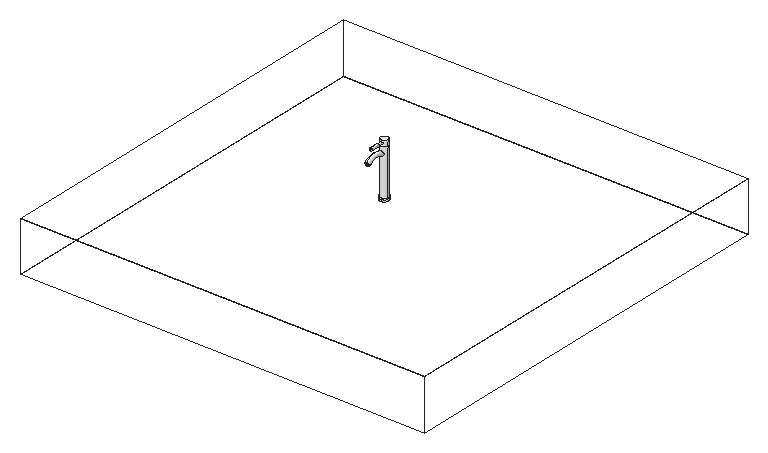
Revit family "SB-1004-E_SPEAKMAN_NEO-VESSEL SINK LEVER FAUCET", category Generic Models, host Face, Revit 2023
Family settings
  Host = Face
  Can host rebar = No
  Round Connector Dimension = Use Diameter
  Part Type = Normal
  Cut with Voids When Loaded = No
  Maintain Annotation Orientation = No
  Shared = No
  Room Calculation Point = No
Parameters
  MATERIAL_SB-1004 = MATERIAL_SB-1004
  Default Elevation = 4' - 0"
  12 = 0' - 2 3/16"
  1 = 0' - 1 3/4"
Reference planes (in)
  plane 1 "Center (Front/Back)": y = 0
  plane 2: z = 0
  plane 3 "Center (Left/Right)": x = 0
  plane 4: x = -0.875
  plane 5: z = 12.75
  plane 6: y = -5.3125
  plane 7: z = 9.125
  plane 8: x = -1.09375
  plane 9: x = 1.09375
  plane 10: z = 0.5
  plane 11: y = 0.875
  plane 12: y = -1.09375
  plane 13: y = 1.09375
  plane 14: y = -4.00214
  plane 15: x = 0.875
  plane 16: y = -0.875
Forms (in)
  Extrusion 1, solid, material "air wall"
    sketch origin (0, 0, 0) x (1, 0, 0) y (0, 1, 0)
      loop
        line (-48, 48) -> (-48, -48) -> (48, -48) -> (48, 48) -> (-48, 48)
    from 0 to -12
  Revolve 2, solid, material "MATERIAL_SB-1004"
    sketch origin (0, 0, 0) x (1, 0, 0) y (0, 0, 1)
      loop
        line (0, 0) -> (1.09375, 0) -> (1.09375, 0.5) -> (0, 0.5) -> (0, 0)
      axis (0, 0) -> (0, 0.5)
    angle from 0 to 360
  Sweep 3, solid, material "MATERIAL_SB-1004"
    path origin (0, 0.09375, 0) x (0, 1, 0) y (0, 0, 1)
      loop
        arc (-0.44219, 9.68328) -> (-2.80461, 10.428) -> (-5.10069, 9.49864) r 3.66222
    profile origin (0, -2.71086, 10.428) x (0, 0.039603, -0.999215) y (1, 0, 0)
      loop
        circle (0, 0) r 0.45371
  Revolve 4, solid, material "MATERIAL_SB-1004"
    sketch origin (0, 0.57557, 0.00619) x (0, 0.998093, 0.061723) y (0, -0.061723, 0.998093)
      loop
        line (-4.96527, 9.833) -> (-5.18327, 10.11092) -> (-5.34178, 9.95241) -> (-5.31589, 9.9194) -> (-5.28713, 9.94195) -> (-5.11162, 9.7182) -> (-4.96527, 9.833)
      axis (-4.96527, 9.833) -> (-5.14037, 9.69564)
    angle from 0 to 360
  Sweep 5, void
    path in 3D
      loop
        arc (-1.09375, 0, 0.5) -> (0, 1.09375, 0.5) -> (1.09375, 0, 0.5) r 1.09375
        arc (1.09375, 0, 0.5) -> (0, -1.09375, 0.5) -> (-1.09375, 0, 0.5) r 1.09375
    profile origin (0, -1.09375, 0.5) x (0, -1, 0) y (0, 0, 1)
      loop
        line (0, 0) -> (-0.08696, 0)
        arc (-0.08696, 0) -> (-0.02547, -0.02547) -> (0, -0.08696) r 0.08696
        line (0, -0.08696) -> (0, 0)
  Extrusion 6, solid, material "MATERIAL_SB-1004"
    sketch origin (0, 0, 0) x (1, 0, 0) y (0, 1, 0)
      loop
        circle (0, 0) r 0.875
    from 0 to 12.75
  Extrusion 7, void
    sketch origin (0, 0, 0) x (1, 0, 0) y (0, 1, 0)
      loop
        circle (0, 0) r 0.96317
      loop
        circle (0, 0) r 0.75
    from 11.48268 to 11.61123
  Extrusion 8, void
    sketch origin (0, 0, 0) x (0, 1, 0) y (0, 0, 1)
      loop
        line (0, 11.61123) -> (1.0958, 11.61123) -> (1.0958, 12.2126) -> (0, 11.61123)
    from -1.21559 to 1.50582
  Revolve 9, solid, material "MATERIAL_SB-1004"
    sketch origin (0, 0, 0) x (0, 1, 0) y (0, 0, 1)
      loop
        line (0, 11.48268) -> (0.81061, 11.48268)
        arc (0.81061, 11.48268) -> (0.57319, 12.05587) -> (0, 12.29329) r 0.81061
        line (0, 12.29329) -> (0, 11.48268)
      axis (0, 12.29329) -> (0, 11.48268)
    angle from 0 to 360
  Revolve 10, solid, material "MATERIAL_SB-1004"
    sketch origin (0, 0, 0) x (0, 1, 0) y (0, 0, 1)
      loop
        line (-0.77927, 12.21547) -> (-0.77927, 12.43061) -> (-1.89428, 12.43061)
        arc (-1.89428, 12.43061) -> (-1.92159, 12.4662) -> (-1.96437, 12.47968) r 0.07458
        line (-1.96437, 12.47968) -> (-3.96929, 12.47968)
        arc (-3.96929, 12.47968) -> (-3.99252, 12.47006) -> (-4.00214, 12.44684) r 0.03285
        line (-4.00214, 12.44684) -> (-4.00214, 12.21547) -> (-0.77927, 12.21547)
      axis (-4.00214, 12.21547) -> (-0.77927, 12.21547)
    angle from 0 to 360
  Extrusion 11, void
    sketch origin (-0.00781, 0, 0) x (1, 0, 0) y (0, 0, 1)
      loop
        line (0.15185, 0.5) -> (0.15185, 8.5)
        arc (0.15185, 8.5) -> (0.01123, 8.64062) -> (-0.1294, 8.5) r 0.14063
        line (-0.1294, 8.5) -> (-0.1294, 0.5) -> (0.15185, 0.5)
    from -1.17808 to -0.59367
  Extrusion 12, solid, material "MATERIAL_SB-1004"
    sketch origin (0, 0, 0) x (1, 0, 0) y (0, 0, 1)
      loop
        circle (0, 8.07065) r 0.12321
    from -1.23386 to -0.42795
  Revolve 13, solid, material "MATERIAL_SB-1004"
    sketch origin (0, 0, 0) x (0, 1, 0) y (0, 0, 1)
      loop
        line (1.236, 8.07065) -> (1.35921, 8.07065)
        arc (1.35921, 8.07065) -> (1.32312, 8.15777) -> (1.236, 8.19386) r 0.12321
        line (1.236, 8.19386) -> (1.236, 8.07065)
      axis (1.35921, 8.07065) -> (1.236, 8.07065)
    angle from 0 to 360
Cuts and joins
  Sweep 5, Extrusion 7, Extrusion 11 cuts Revolve 2
  Sweep 5, Extrusion 7, Extrusion 11 cuts Sweep 3
  Sweep 5, Extrusion 7, Extrusion 11 cuts Revolve 4
  Extrusion 7, Extrusion 8, Extrusion 11 cuts Extrusion 6
  Extrusion 11 cuts Revolve 9
  Extrusion 11 cuts Revolve 10
  joined: Revolve 2, Sweep 3, Revolve 4, Extrusion 6, Revolve 9, Revolve 10, Extrusion 12, Revolve 13
Lines and regions (in)
  sketch lines
    curve 1: arc (1.09375, 0, 0.5) -> (0, -1.09375, 0.5) -> (-1.09375, 0, 0.5) r 1.09375
    curve 2: arc (-1.09375, 0, 0.5) -> (0, 1.09375, 0.5) -> (1.09375, 0, 0.5) r 1.09375
Dimensions and locks (in)
  plane 5 to Extrusion 1 = 1' - 0 3/4"  (x3)
  plane 4 to plane 3 "Center (Left/Right)" to plane 15 = 0' - 0 7/8", 0' - 0 7/8"
  plane 7 to Extrusion 1 = 0' - 9 1/8"  (x3)
  plane 10 to Extrusion 1 = 0' - 0 1/2"  (x3)
  plane 11 to plane 6 = 0' - 6 3/16"
  plane 8 to plane 9 = 0' - 2 3/16"  (x3)
  plane 6 to plane 11 = 0' - 6 3/16"  (x2)
  plane 12 to plane 13 = 0' - 2 3/16"
  plane 13 to plane 12 = 0' - 2 3/16"
  Extrusion 1 to plane 5 = 1' - 0 3/4"
  Extrusion 1 to plane 10 = 0' - 0 1/2"
  plane 4 to plane 15 = 0' - 1 3/4"
  equal spacing: plane 11, plane 1 "Center (Front/Back)", plane 16
  plane 11 to plane 16 = 0' - 1 3/4"
  plane 16 to plane 11 = 0' - 1 3/4"  (x2)
  equal spacing: plane 16, plane 1 "Center (Front/Back)", plane 11  (x2)
  equal spacing: plane 8, plane 3 "Center (Left/Right)", plane 9
  aligned and locked: plane 2 to Extrusion 1
  aligned and locked: level to Extrusion 1
Automatic sketch dimensions
  Extrusion 1 sketch curve to Extrusion 1 sketch curve = 8' - 0"  (x2)
  Revolve 2 sketch curve to level = 0' - 0"
  Revolve 2 sketch curve to plane 3 "Center (Left/Right)" = 0' - 0"  (x2)
  plane 9 to Revolve 2 sketch curve = 0' - 0"
  Revolve 2 sketch curve to plane 10 = 0' - 0"
  Revolve 2 sketch curve to level = 0' - 0.10374"
  Revolve 2 sketch curve to Revolve 2 sketch curve = 0' - 0.29493"
  plane 14 to Sweep 3 sketch curve = 0' - 1.43631"
  Sweep 3 sketch curve to plane 7 = 0' - 2.35635"
  Sweep 3 sketch curve to plane 6 = 0' - 0.30556"
  plane 1 "Center (Front/Back)" to Sweep 3 sketch curve = 0' - 0.34844"
  plane 7 to Sweep 3 sketch curve = 0' - 0.37364"
  Sweep 3 sketch curve to plane 3 "Center (Left/Right)" = 0' - 0"
  Sweep 3 sketch curve to profile plane = 0' - 0"
  plane 6 to Revolve 4 sketch curve = 0' - 0.05781"
  plane 7 to Revolve 4 sketch curve = 0' - 0.48491"
  Revolve 4 sketch curve to Revolve 4 sketch curve = 0' - 0.02589"
  Revolve 4 sketch curve to Revolve 4 sketch curve = 0' - 0.02875"
  Revolve 4 sketch curve to Revolve 4 sketch curve = 0' - 0.10386"
  Revolve 4 sketch curve to Revolve 4 sketch curve = 0' - 0.17552"
  Revolve 4 sketch curve to Revolve 4 sketch curve = 0' - 0.14635"
  Revolve 4 sketch curve to Revolve 4 sketch curve = 0' - 0.01046"
  Revolve 4 sketch curve to Revolve 4 sketch curve = 0' - 0.01359"
  Revolve 4 sketch curve to Revolve 4 sketch curve = 0' - 0.06524"
  Revolve 4 sketch curve to Revolve 4 sketch curve = 0' - 0.05118"
  Revolve 4 sketch curve to Revolve 4 sketch curve = 0' - 0.01066"
  Sweep 5 sketch curve to profile plane = 0' - 0"  (x3)
  profile plane to Sweep 5 sketch curve = 0' - 0.08696"
  Sweep 5 sketch curve to Sweep 5 sketch curve = 0' - 0"
  plane 1 "Center (Front/Back)" to Extrusion 6 sketch curve = 0' - 0"
  Extrusion 6 sketch curve to plane 3 "Center (Left/Right)" = 0' - 0"
  Extrusion 7 sketch curve to Extrusion 7 sketch curve = 0' - 0"  (x2)
  plane 1 "Center (Front/Back)" to Extrusion 7 sketch curve = 0' - 0"
  Extrusion 7 sketch curve to plane 3 "Center (Left/Right)" = 0' - 0"
  Extrusion 8 sketch curve to plane 1 "Center (Front/Back)" = 0' - 0"
  Extrusion 8 sketch curve to plane 13 = 0' - 0.00205"
  Extrusion 8 sketch curve to plane 5 = 0' - 1.13877"
  Extrusion 8 sketch curve to plane 5 = 0' - 0.5374"
  Revolve 9 sketch curve to plane 1 "Center (Front/Back)" = 0' - 0"  (x2)
  plane 11 to Revolve 9 sketch curve = 0' - 0.06439"
  Revolve 9 sketch curve to plane 5 = 0' - 1.26732"
  Revolve 9 sketch curve to Revolve 9 sketch curve = 0' - 0.14489"
  Revolve 9 sketch curve to Revolve 9 sketch curve = 0' - 0.02768"
  Revolve 10 sketch curve to plane 14 = 0' - 0"
  plane 14 to Revolve 10 sketch curve = 0' - 0.03285"
  Revolve 10 sketch curve to plane 5 = 0' - 0.3449"
  plane 12 to Revolve 10 sketch curve = 0' - 0.87062"
  Revolve 10 sketch curve to Revolve 10 sketch curve = 0' - 0.07009"
  plane 16 to Revolve 10 sketch curve = 0' - 0.09573"
  Revolve 10 sketch curve to plane 5 = 0' - 0.53453"
  Revolve 10 sketch curve to Revolve 10 sketch curve = 0' - 0.21514"
  Revolve 10 sketch curve to plane 16 = 0' - 0.01499"
  Revolve 10 sketch curve to Revolve 10 sketch curve = 0' - 0.05189"
  Revolve 10 sketch curve to Revolve 10 sketch curve = 0' - 0"
  Extrusion 11 sketch curve to plane 10 = 0' - 0"
  Extrusion 11 sketch curve to plane 3 "Center (Left/Right)" = 0' - 0.13721"
  plane 3 "Center (Left/Right)" to Extrusion 11 sketch curve = 0' - 0.00341"
  Extrusion 11 sketch curve to plane 7 = 0' - 0 5/8"
  Extrusion 12 sketch curve to plane 3 "Center (Left/Right)" = 0' - 0"
  Extrusion 12 sketch curve to plane 7 = 0' - 1.05435"
  Revolve 13 sketch curve to plane 13 = 0' - 0.14225"
  Revolve 13 sketch curve to Revolve 13 sketch curve = 0' - 0.12321"
  Revolve 13 sketch curve to plane 7 = 0' - 1.05435"
  Revolve 13 sketch curve to Revolve 13 sketch curve = 0' - 0"  (x2)
  Revolve 13 sketch curve to Revolve 13 sketch curve = 0' - 0.03872"
  radius of Sweep 3 sketch curve = 0' - 0.45371"
  radius of Extrusion 6 sketch curve = 0' - 0 7/8"
  radius of Extrusion 7 sketch curve = 0' - 0.96317"
  radius of Extrusion 7 sketch curve = 0' - 0 3/4"
  radius of Extrusion 12 sketch curve = 0' - 0.12321"
Connectors (in)
  piping at (0, 0, 0.5), diameter 1.75
    settings: on cut or joined group of Revolve 2, Sweep 3, Revolve 4, Sweep 5, Extrusion 6, Extrusion 7, Extrusion 8, Revolve 9, Revolve 10, Extrusion 11, Extrusion 12, Revolve 13, index 1, connector inside diameter 24", connector length 0' - 0", flow factor 0, pipe flow 0 GPM, pressure drop 0.00 psi, fitting loss kfactor 0, connector angle 0.00°, fixture units 0, engagement length 0' - 0", angle of deflection 0.00°, flow configuration 0, flow direction 0, fitting loss method 0, system type 7, joint type 0, gender type 0, connector reference index -1, connector utility 0, adjustable connector no, is connector primary yes, connector description ""
